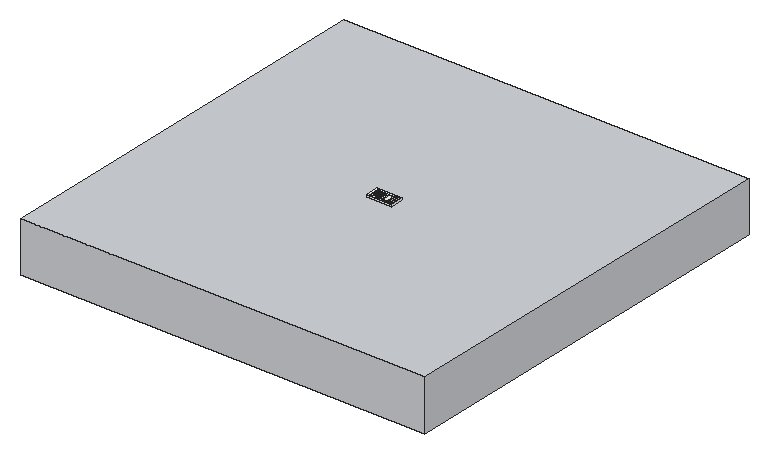
Revit family "Gira_2282005", category Elektroinstallationen, Revit 2017
Family settings
  Basisbauteil = Fläche
  Beschriftungsausrichtung beibehalten = Ja
  Bemaßung runder Anschluss = Durchmesser verwenden
  Teiletyp = Normal
  Beim Laden mit Abzugskörper schneiden = Nein
  Gemeinsam genutzt = Nein
  Raumberechnungspunkt = Nein
Parameters (values of type "UP-Radio RDS Lautsprecher System 55 Schwarz m")
  Zusammenstellung = "Basiselement"
  Werkstoffgüte = "sonstige"
  Werkstoff = "sonstige"
  Verfügbar = "Ja"
  URL = "http://katalog.gira.de/de_DE/datenblatt.html?artikelnr=2280005"
  Transparent = "Nein"
  Region = "DE"
  Oberfläche = "sonstige"
  Name = "UP-Radio RDS Lautsprecher System 55 Schwarz m"
  Montageart = "unter Putz"
  Kategorie = "Elektronik-Gerät für Installationsschalterprogramme"
  Hersteller = "Gira"
  HeinzeBIM = "https://bimportal.heinze.de/bim/up-radio-rds-lautsprecher-system-55-schwarz-m/a77b3f63fd2d244047b841a29407bcbf3f7ebc83"
  Halogenfrei = "Nein"
  HAN = "2280005"
  GTIN = "4010337038054"
  Farbe = "schwarz"
  Beschreibung = "Unterputz-Radio RDS mit einem Lautsprecher Bedienaufsatz in Schwarzglasoptik Schwarz matt Merkmale: - UKW-Radio mit RDS-Anzeige zur Unterputz-Montage. - Das Unterputz-Radio RDS besteht aus einem Einsatz Radio mit Bedienaufsatz und einem Einsatz Lautsprecher mit Abdeckung. - Der Einsatz Radio ist kompakt in einem Unterputz-Einsatz untergebracht und kann somit in eine einzelne Gerätedose installiert werden. - Der Lautsprecher kann mit dem Einsatz Radio in einer Kombination oder auch abgesetzt in eine Gerätedose installiert werden. An den Einsatz Radio können zwei Lautsprecher angeschlossen werden. - Das Radio erkennt angeschlossene Lautsprecher automatisch und schaltet zwischen Stereo- und Monobetrieb um. - Das Display des Bedienaufsatzes zeigt bei einem entsprechenden RDS-Signal den Sendernamen, die Sendefrequenz und die Uhrzeit an. - Die Bedienung des Radios erfolgt über die kapazitiven Tasten des Bedienaufsatzes. Zur Bedienung ist lediglich eine leichte Berührung der Symbole notwendig. - Das Unterputz-Radio RDS verfügt über zwei Speicherplätze, auf denen je ein Sender einfach per Tastenbetätigung gespeichert und abgerufen werden kann. - Über den Nebenstelleneingang kann das Radio z. B. mit einem Lichtschalter oder einem Automatikschalter zusammen mit der Raumbeleuchtung eingeschaltet werden. - Über den Stereo-AUX-Eingang des Radios können externe Audioquellen, z. B. MP3-Player, in das Radio eingespeist werden. Zum Anschluss der externen Audioquelle wird zusätzlich ein Einsatz Cinch-Audio benötigt, welcher an die AUX-Klemmen des Einsatzes Radio angeschlossen wird. - Der Einsatz Dockingstation wird zur Musikwiedergabe direkt an den Stereo-AUX-Eingang angeschlossen. - Im Sleep-Modus schaltet das Radio 30 Minuten nach dem Einschalten automatisch wieder aus.  Hinweise : - In Kombination mit weiteren elektronischen Geräten unter einer gemeinsamen Abdeckung kann es zu Empfangsbeeinträchtigungen kommen."
  Befestigungsart = "Krallen-/Schraubbefestigung"
  Bauelement = "Sys55_Komplettgerät_UP-Radio"
  Default Elevation = 1219.2 mm
  Ausführung der Oberfläche = "matt"
  Ausführung = "Radio (*en-EN)"
Reference planes
  plane 1 "Center (Front/Back)": y = 0
  plane 2 "Reference Level 0": z = 0
  plane 3 "Center (Left/Right)": x = 0
  plane 4 "Reference Level 1": z = 11.9
Forms (mm)
  Extrusion 1, solid
    sketch origin (0, 0, 0) x (1, 0, 0) y (0, 1, 0)
      loop
        line (-1219.2, 1219.2) -> (-1219.2, -1219.2) -> (1219.2, -1219.2) -> (1219.2, 1219.2) -> (-1219.2, 1219.2)
    from 0 to -304.8
  Extrusion 2, solid, material "White", detail levels medium+fine
    sketch origin (0, 0, 0) x (1, 0, 0) y (0, 1, 0)
      loop
        line (-75.892, 40.342) -> (-75.892, -40.342) -> (75.892, -40.342) -> (75.892, 40.342) -> (-75.892, 40.342)
      loop
        line (-7.45, 28.1) -> (-63.65, 28.1) -> (-63.65, -28.1) -> (-7.45, -28.1) -> (-7.45, 28.1)
      loop
        line (7.45, 28.1) -> (7.45, -28.1) -> (63.65, -28.1) -> (63.65, 28.1) -> (7.45, 28.1)
    from 0 to 11.9
  Extrusion 3, solid, material "White", detail levels fine
    sketch origin (0, 0, 0) x (1, 0, 0) y (0, 1, 0)
      loop
        circle (-19.55, 16) r 1
      loop
        circle (-22.75, 16) r 1
      loop
        circle (-25.95, 16) r 1
      loop
        circle (-29.15, 16) r 1
      loop
        circle (-32.35, 16) r 1
      loop
        circle (-35.55, 16) r 1
      loop
        circle (-38.75, 16) r 1
      loop
        circle (-41.95, 16) r 1
      loop
        circle (-45.15, 16) r 1
      loop
        circle (-48.35, 16) r 1
      loop
        circle (-51.55, 16) r 1
      loop
        circle (-19.55, 12.8) r 1
      loop
        circle (-22.75, 12.8) r 1
      loop
        circle (-25.95, 12.8) r 1
      loop
        circle (-29.15, 12.8) r 1
      loop
        circle (-32.35, 12.8) r 1
      loop
        circle (-35.55, 12.8) r 1
      loop
        circle (-38.75, 12.8) r 1
      loop
        circle (-41.95, 12.8) r 1
      loop
        circle (-45.15, 12.8) r 1
      loop
        circle (-48.35, 12.8) r 1
      loop
        circle (-51.55, 12.8) r 1
      loop
        circle (-19.55, 9.6) r 1
      loop
        circle (-22.75, 9.6) r 1
      loop
        circle (-25.95, 9.6) r 1
      loop
        circle (-29.15, 9.6) r 1
      loop
        circle (-32.35, 9.6) r 1
      loop
        circle (-35.55, 9.6) r 1
      loop
        circle (-38.75, 9.6) r 1
      loop
        circle (-41.95, 9.6) r 1
      loop
        circle (-45.15, 9.6) r 1
      loop
        circle (-48.35, 9.6) r 1
      loop
        circle (-51.55, 9.6) r 1
      loop
        circle (-19.55, 6.4) r 1
      loop
        circle (-22.75, 6.4) r 1
      loop
        circle (-25.95, 6.4) r 1
      loop
        circle (-29.15, 6.4) r 1
      loop
        circle (-32.35, 6.4) r 1
      loop
        circle (-35.55, 6.4) r 1
      loop
        circle (-38.75, 6.4) r 1
      loop
        circle (-41.95, 6.4) r 1
      loop
        circle (-45.15, 6.4) r 1
      loop
        circle (-48.35, 6.4) r 1
      loop
        circle (-51.55, 6.4) r 1
      loop
        circle (-19.55, 3.2) r 1
      loop
        circle (-22.75, 3.2) r 1
      loop
        circle (-25.95, 3.2) r 1
      loop
        circle (-29.15, 3.2) r 1
      loop
        circle (-32.35, 3.2) r 1
      loop
        circle (-35.55, 3.2) r 1
      loop
        circle (-38.75, 3.2) r 1
      loop
        circle (-41.95, 3.2) r 1
      loop
        circle (-45.15, 3.2) r 1
      loop
        circle (-48.35, 3.2) r 1
      loop
        circle (-51.55, 3.2) r 1
      loop
        circle (-19.55, 0) r 1
      loop
        circle (-22.75, 0) r 1
      loop
        circle (-25.95, 0) r 1
      loop
        circle (-29.15, 0) r 1
      loop
        circle (-32.35, 0) r 1
      loop
        circle (-35.55, 0) r 1
      loop
        circle (-38.75, 0) r 1
      loop
        circle (-41.95, 0) r 1
      loop
        circle (-45.15, 0) r 1
      loop
        circle (-48.35, 0) r 1
      loop
        circle (-51.55, 0) r 1
      loop
        circle (-19.55, -3.2) r 1
      loop
        circle (-22.75, -3.2) r 1
      loop
        circle (-25.95, -3.2) r 1
      loop
        circle (-29.15, -3.2) r 1
      loop
        circle (-32.35, -3.2) r 1
      loop
        circle (-35.55, -3.2) r 1
      loop
        circle (-38.75, -3.2) r 1
      loop
        circle (-41.95, -3.2) r 1
      loop
        circle (-45.15, -3.2) r 1
      loop
        circle (-48.35, -3.2) r 1
      loop
        circle (-51.55, -3.2) r 1
      loop
        circle (-19.55, -6.4) r 1
      loop
        circle (-22.75, -6.4) r 1
      loop
        circle (-25.95, -6.4) r 1
      loop
        circle (-29.15, -6.4) r 1
      loop
        circle (-32.35, -6.4) r 1
      loop
        circle (-35.55, -6.4) r 1
      loop
        circle (-38.75, -6.4) r 1
      loop
        circle (-41.95, -6.4) r 1
      loop
        circle (-45.15, -6.4) r 1
      loop
        circle (-48.35, -6.4) r 1
      loop
        circle (-51.55, -6.4) r 1
      loop
        circle (-19.55, -9.6) r 1
      loop
        circle (-22.75, -9.6) r 1
      loop
        circle (-25.95, -9.6) r 1
      loop
        circle (-29.15, -9.6) r 1
      loop
        circle (-32.35, -9.6) r 1
      loop
        circle (-35.55, -9.6) r 1
      loop
        circle (-38.75, -9.6) r 1
      loop
        circle (-41.95, -9.6) r 1
      loop
        circle (-45.15, -9.6) r 1
      loop
        circle (-48.35, -9.6) r 1
      loop
        circle (-51.55, -9.6) r 1
      loop
        circle (-19.55, -12.8) r 1
      loop
        circle (-22.75, -12.8) r 1
      loop
        circle (-25.95, -12.8) r 1
      loop
        circle (-29.15, -12.8) r 1
      loop
        circle (-32.35, -12.8) r 1
      loop
        circle (-35.55, -12.8) r 1
      loop
        circle (-38.75, -12.8) r 1
      loop
        circle (-41.95, -12.8) r 1
      loop
        circle (-45.15, -12.8) r 1
      loop
        circle (-48.35, -12.8) r 1
      loop
        circle (-51.55, -12.8) r 1
      loop
        circle (-19.55, -16) r 1
      loop
        circle (-22.75, -16) r 1
      loop
        circle (-25.95, -16) r 1
      loop
        circle (-29.15, -16) r 1
      loop
        circle (-32.35, -16) r 1
      loop
        circle (-35.55, -16) r 1
      loop
        circle (-38.75, -16) r 1
      loop
        circle (-41.95, -16) r 1
      loop
        circle (-45.15, -16) r 1
      loop
        circle (-48.35, -16) r 1
      loop
        circle (-51.55, -16) r 1
      loop
        line (-63.25, 27.7) -> (-63.25, -27.7) -> (-7.85, -27.7) -> (-7.85, 27.7) -> (-63.25, 27.7)
    from 0 to 11.9
  Extrusion 4, solid, material "White", detail levels fine
    sketch origin (0, 0, 0) x (1, 0, 0) y (0, 1, 0)
      loop
        line (7.95, 27.7) -> (7.95, -27.7) -> (63.35, -27.7) -> (63.35, 27.7) -> (7.95, 27.7)
      loop
        line (35.999, -19.679) -> (50.301, -19.679) -> (50.229, 19.679) -> (36.071, 19.679) -> (35.999, -19.679)
    from 0 to 11.9
  Extrusion 5, solid, material "White", detail levels fine
    sketch origin (0, 0, 0) x (1, 0, 0) y (0, 1, 0)
      loop
        line (35.999, -19.679) -> (50.301, -19.679) -> (50.229, 19.679) -> (36.071, 19.679) -> (35.999, -19.679)
    from 0 to 11.9
  Extrusion 6, solid, material "White", detail levels medium
    sketch origin (0, 0, 0) x (1, 0, 0) y (0, 1, 0)
      loop
        line (-63.65, 28.1) -> (-63.65, -28.1) -> (-7.45, -28.1) -> (-7.45, 28.1) -> (-63.65, 28.1)
    from 0 to 11.9
  Extrusion 7, solid, material "White", detail levels medium
    sketch origin (0, 0, 0) x (1, 0, 0) y (0, 1, 0)
      loop
        line (7.45, 28.1) -> (7.45, -28.1) -> (63.65, -28.1) -> (63.65, 28.1) -> (7.45, 28.1)
    from 0 to 11.9
  Extrusion 8, solid, material "Grey", detail levels fine
    sketch origin (0, 0, 0) x (1, 0, 0) y (0, 1, 0)
      loop
        arc (10.55, -12.61) -> (15.751, -19.799) -> (22.94, -25) r 28
        line (22.94, -25) -> (48.16, -25)
        arc (48.16, -25) -> (55.349, -19.799) -> (60.55, -12.61) r 28
        line (60.55, -12.61) -> (60.55, 12.61)
        arc (60.55, 12.61) -> (55.349, 19.799) -> (48.16, 25) r 28
        line (48.16, 25) -> (22.94, 25)
        arc (22.94, 25) -> (15.751, 19.799) -> (10.55, 12.61) r 28
        line (10.55, 12.61) -> (10.55, -12.61)
    from 0 to -31.7
  Extrusion 9, solid, material "Grey", detail levels fine
    sketch origin (0, 0, 0) x (-1, 0, 0) y (0, -1, 0)
      loop
        line (10.55, 12.61) -> (10.55, -12.61)
        arc (10.55, -12.61) -> (15.751, -19.799) -> (22.94, -25) r 28
        line (22.94, -25) -> (48.16, -25)
        arc (48.16, -25) -> (55.349, -19.799) -> (60.55, -12.61) r 28
        line (60.55, -12.61) -> (60.55, 12.61)
        arc (60.55, 12.61) -> (55.349, 19.799) -> (48.16, 25) r 28
        line (48.16, 25) -> (22.94, 25)
        arc (22.94, 25) -> (15.751, 19.799) -> (10.55, 12.61) r 28
    from 0 to -28
  Extrusion 10, solid, detail levels medium
    sketch origin (0, 0, 0) x (-1, 0, 0) y (0, -1, 0)
      loop
        line (10.55, 25) -> (10.55, -25) -> (60.55, -25) -> (60.55, 25) -> (10.55, 25)
    from 0 to -28
  Extrusion 11, solid, detail levels medium
    sketch origin (0, 0, 0) x (1, 0, 0) y (0, 1, 0)
      loop
        line (10.55, -25) -> (60.55, -25) -> (60.55, 25) -> (10.55, 25) -> (10.55, -25)
    from 0 to -31.7
  Extrusion 12, solid, material "Grey", detail levels coarse
    sketch origin (0, 0, 0) x (1, 0, 0) y (0, 1, 0)
      loop
        line (-75.892, 40.342) -> (-75.892, -40.342) -> (75.892, -40.342) -> (75.892, 40.342) -> (-75.892, 40.342)
    from -31.7 to 11.9
Cuts and joins
  joined: Extrusion 8, Extrusion 9
  joined: Extrusion 10, Extrusion 11
Dimensions and locks
  aligned and locked: plane 2 "Reference Level 0" to Extrusion 1
  aligned and locked: level to Extrusion 1
Nested families
  nested 1: "Radio Beschriftung" at (0, 0, 0) x (0, 1, 0) z (0, 0, 1), type "Radio Beschriftung"
Connectors
  electrical at (-35.55, 0, -28)
    settings: on cut or joined group of Extrusion 8, Extrusion 9, index 1, voltage 220 V, apparent load 0 VA, apparent load phase1 0 VA, apparent load phase2 0 VA, apparent load phase3 0 VA, power factor 1, load classification "Other", number of poles 1, system type 31, power factor state 1, is connector primary yes, connector utility no, sub classification motor no, connector description ""
Definition of nested family "Radio Beschriftung"
  Reference planes
    plane 1: y = 0
    plane 2: x = 0
  Lines and regions (mm)
    detail lines
      curve 1: line (0, 1, 0) -> (3, 1, 0)
      curve 2: line (0, -1, 0) -> (0, 1, 0)
      curve 3: line (3, -1, 0) -> (0, -1, 0)
      curve 4: line (3, 1, 0) -> (3, -1, 0)
      curve 5: line (2, 1, 0) -> (2, -1, 0)
      curve 6: line (3, 1, 0) -> (2, 0.49, 0)
      curve 7: line (3, -1, 0) -> (2, -0.49, 0)
  Dimensions and locks
    curve 2 to curve 4 = 3 mm
    curve 3 to curve 1 = 2 mm
